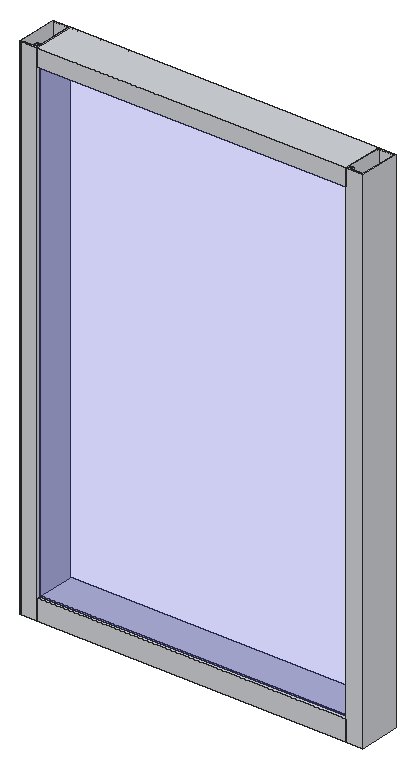
Revit family "Hastings 101.6mm Front Glazed Framing", category Windows, host Wall, Revit 2021
Family settings
  Host = Wall
  OmniClass Number = 23.30.20.00
  OmniClass Title = Windows
  Always vertical = Yes
  Cut with Voids When Loaded = No
  Shared = No
  Room Calculation Point = No
Parameters
  Single Glazed [instance] = yes
  Rough Width = 0 mm  # constant formula
  Rough Height = 0 mm  # constant formula
  Height [instance] = 1500 mm
  Double Glazed [instance] = not(Single Glazed)  # no
  Default Sill Height = 800 mm
  Wall Closure = By host
  Width [instance] = 1000 mm
Reference planes
  plane 1 "Center (Front/Back)": y = 0
  plane 2 "Center (Left/Right)": x = 0
  plane 3 "Left": x = -500
  plane 4 "Right": x = 500
  plane 5 "Sill": z = 800
  plane 6 "Head": z = 2300
  plane 7 "Exterior": y = 100
  plane 8 "Interior": y = -100
Lines and regions (mm)
  Opening 1
    outline origin (3500, -100, 0) x (1, 0, 0) y (0, 0, 1)
      loop
        line (-3000, 800) -> (-3000, 2300) -> (-4000, 2300) -> (-4000, 800) -> (-3000, 800)
Text (mm)
  text "Exterior" at (-1963.203, 1332.353, 0), in view "Ref. Level"
  text "Interior" at (-1981.466, -818.386, 0), in view "Ref. Level"
  text "Exterior" at (0, 923.751, 2943.296), in view "Right"
  text "Exterior" at (0, 1040.484, 2685.409), in view "Left"
Dimensions and locks
  equal spacing: plane 3 "Left", plane 2 "Center (Left/Right)", plane 4 "Right"
  "Width": plane 3 "Left" to plane 4 "Right"
  "Height": plane 5 "Sill" to plane 6 "Head"
  "Default Sill Height": plane 5 "Sill" to level
  locked: plane 7 "Exterior" to host wall
  locked: plane 8 "Interior" to host wall
  aligned and locked: nested 1 to plane 3 "Left"
  aligned and locked: nested 1 to plane 4 "Right"
  aligned and locked: host wall to nested 1
  aligned and locked: nested 1 to plane 6 "Head"
  aligned and locked: nested 1 to plane 5 "Sill"
Automatic sketch dimensions
  Opening 1 sketch curve to plane 3 "Left" = 0 mm
  Opening 1 sketch curve to plane 4 "Right" = 0 mm
  Opening 1 sketch curve to plane 5 "Sill" = 0 mm
  Opening 1 sketch curve to plane 6 "Head" = 0 mm
Nested families
  nested 1: "Hastings 101.6mm Front Glazed Framing" at (0, -0.979, 411.318), type "Hastings 101.6mm Front Glazed Framing"
    with Width 1000 mm, Height 1500 mm, Glass Thk Control 6 mm, Glass Thickness 6 mm, Glass Glass, Frame Material none
Definition of nested family "Hastings 101.6mm Front Glazed Framing"
  Parameters (values of type "Hastings 101.6mm Front Glazed Framing")
    Width [instance] = 750 mm
    URL = "https://www.alspec.com.au/derwent-76mm-centre-pocket-framing"
    Manufacturer = "ALSPEC"
    Jamb Thickness = 50 mm  # constant formula
    Height [instance] = 750 mm
    Glass Thk Control [instance] = if(Glass Thickness > 14 mm, 14 mm, if(Glass Thickness < 4 mm, 4 mm, Glass Thickness))  # 6 mm
    Glass Thickness [instance] = 6 mm
    Glass [instance] = none
    Frame Material [instance] = none
    Designer = "Viraj Mhatre"
    Default Elevation = 0 mm
  Reference planes
    plane 1 "Center (Front/Back)": y = 0.979
    plane 2: z = 368.682
    plane 3 "Center (Left/Right)": x = 0
    plane 4 "Head Top": z = 1138.682
    plane 5 "Sill Bottom": z = 388.682
    plane 6: x = -375
    plane 7: x = -325
    plane 8: x = 325
    plane 9: x = 375
    plane 10: y = 3.979
    plane 11: y = -2.021
  Forms (mm)
    Extrusion 1, solid, material <- "Glass"
      sketch origin (0, 0, 368.682) x (1, 0, 0) y (0, 1, 0)
        loop
          line (-337, 3.979) -> (-337, -2.021) -> (337, -2.021) -> (337, 3.979) -> (-337, 3.979)
      from 68.5 to 732
    Sweep 2, solid, material <- "Frame Material"
      path origin (0, 0, 368.682) x (1, 0, 0) y (0, 1, 0)
        loop
          line (-325, 3.905) -> (-325, 111.905) -> (-375, 111.905) -> (-375, -9.195) -> (-325, -9.195) -> (-325, -1.946) -> (-337, -1.946) -> (-337, 3.905) -> (-325, 3.905)
      profile origin (-325, 57.905, 368.682) x (-1, 0, 0) y (0, 0, 1)
        loop
          line (0, 20) -> (2, 20) -> (2, 770) -> (0, 770) -> (0, 20)
    Sweep 3, solid, material <- "Frame Material"
      path origin (0, 0, 368.682) x (1, 0, 0) y (0, 1, 0)
        loop
          line (325, 3.905) -> (337, 3.905) -> (337, -1.946) -> (325, -1.946) -> (325, -9.195) -> (375, -9.195) -> (375, 111.905) -> (325, 111.905) -> (325, 3.905)
      profile origin (325, 57.905, 368.682) x (-1, 0, 0) y (0, 0, 1)
        loop
          line (0, 20) -> (0, 770) -> (-2, 770) -> (-2, 20) -> (0, 20)
    Sweep 4, solid, material <- "Frame Material"
      path origin (0, 0, 0) x (0, 1, 0) y (0, 0, 1)
        loop
          line (115.105, 388.682) -> (115.105, 418.682) -> (111.905, 418.682) -> (111.905, 449.182) -> (3.905, 449.182) -> (3.905, 437.182) -> (-1.946, 437.182) -> (-1.946, 449.182) -> (-9.195, 449.182) -> (-9.195, 388.682) -> (115.105, 388.682)
      profile origin (0, 52.955, 388.682) x (0, 0, -1) y (1, 0, 0)
        loop
          line (0, -325) -> (0, 325) -> (-2, 325) -> (-2, -325) -> (0, -325)
    Sweep 5, solid, material <- "Frame Material"
      path origin (0, 0, 0) x (0, 1, 0) y (0, 0, 1)
        loop
          line (3.905, 1088.682) -> (111.905, 1088.682) -> (111.905, 1138.682) -> (-9.195, 1138.682) -> (-9.195, 1088.682) -> (-1.946, 1088.682) -> (-1.946, 1100.682) -> (3.905, 1100.682) -> (3.905, 1088.682)
      profile origin (0, 57.905, 1088.682) x (0, 0, 1) y (1, 0, 0)
        loop
          line (0, -325) -> (2, -325) -> (2, 325) -> (0, 325) -> (0, -325)
  Dimensions and locks
    "Height": plane 4 "Head Top" to plane 5 "Sill Bottom"
    "Jamb Thickness": plane 6 to plane 7
    "Jamb Thickness": plane 8 to plane 9
    equal spacing: plane 10, plane 1 "Center (Front/Back)", plane 11
    "Glass Thickness": plane 10 to plane 11
    equal spacing: plane 6, plane 3 "Center (Left/Right)", plane 9
    "Width": plane 6 to plane 9
    locked: plane 5 "Sill Bottom" to level at 20
    aligned and locked: level to plane 2
    aligned and locked: Extrusion 1 sketch curve to plane 10
    aligned and locked: plane 11 to Extrusion 1 sketch curve
    aligned and locked: plane 1 "Center (Front/Back)" to import instance  (x2)
    aligned and locked: import instance to plane 6
    aligned and locked: import instance to plane 1 "Center (Front/Back)"  (x2)
    aligned and locked: import instance to plane 9
    aligned and locked: import instance to plane 4 "Head Top"
    aligned and locked: plane 5 "Sill Bottom" to import instance
    aligned and locked: Sweep 2 sketch curve to import instance  (x7)
    aligned and locked: import instance to Sweep 2 sketch curve
    aligned and locked: Sweep 3 sketch curve to import instance  (x7)
    aligned and locked: import instance to Sweep 3 sketch curve
    aligned and locked: Sweep 4 sketch curve to import instance  (x9)
    aligned and locked: import instance to Sweep 4 sketch curve
    aligned and locked: Sweep 5 sketch curve to import instance  (x7)
    aligned and locked: import instance to Sweep 5 sketch curve
    aligned and locked: Sweep 2 sketch curve to plane 4 "Head Top"
    aligned and locked: plane 5 "Sill Bottom" to Sweep 2 sketch curve
    aligned and locked: Sweep 3 sketch curve to plane 5 "Sill Bottom"
    aligned and locked: plane 4 "Head Top" to Sweep 3 sketch curve
    aligned and locked: Sweep 5 sketch curve to plane 8
    aligned and locked: plane 7 to Sweep 5 sketch curve
    aligned and locked: Sweep 4 sketch curve to plane 8
    aligned and locked: plane 7 to Sweep 4 sketch curve
    aligned and locked: Extrusion 1 to Sweep 5
    aligned and locked: Extrusion 1 to Sweep 4
    aligned and locked: Extrusion 1 to Sweep 2
    aligned and locked: Extrusion 1 to Sweep 3
  Automatic sketch dimensions
    Extrusion 1 sketch curve to plane 7 = 12 mm
    plane 8 to Extrusion 1 sketch curve = 12 mm
    Sweep 2 sketch curve to profile plane = 0 mm
    Sweep 2 sketch curve to profile plane = 2 mm
    Sweep 3 sketch curve to profile plane = 0 mm
    profile plane to Sweep 3 sketch curve = 2 mm
    Sweep 4 sketch curve to profile plane = 0 mm
    profile plane to Sweep 4 sketch curve = 2 mm
    Sweep 5 sketch curve to profile plane = 0 mm
    Sweep 5 sketch curve to profile plane = 2 mm
